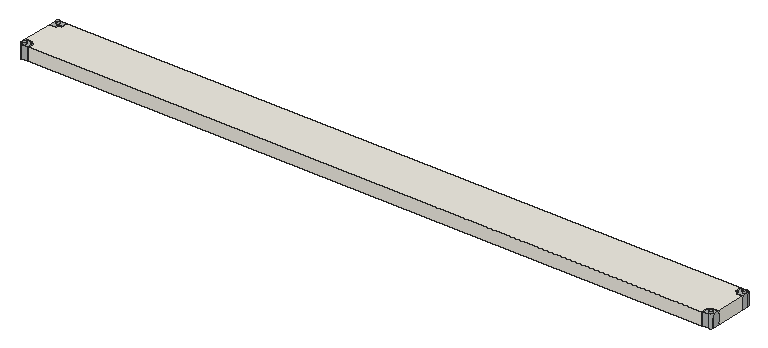
Revit family "HIGHTECH", category Осветительные приборы, Revit 2019 (continued)
Types (32, lengths in mm): name | Файл фотометрической сетки | built-in parameter 1150105 | Lumens | built-in parameter 1150106 | built-in parameter 1150142 | Wattage | Emit from Rectangle Width | Emit from Rectangle Length | Длина | Ширина | ADSK_Ток | ADSK_Полная мощность | ADSK_Обозначение | ADSK_Номинальная мощность | ADSK_Наименование | ADSK_Масса | ADSK_Код изделия
    0.395 0.395 0.395 0.395 0.395 0.296 0.296 0.296 0.296 0.296 0.296 0.296 0.296 0.197 \r\n0.197 0.197 0.197 0.197 0.197 0.197 0.197 0.098 0.098 0.098 0.098 0.098 0.098 0.098 0.098 0.000 0.000 0.000 0.000 \r\n1417.637 1418.229 1415.861 1411.421 1404.415 1394.746 1382.512 1367.219 1349.656 1329.626 1307.821 1283.549 1257.403 1229.579 1199.782 1168.209 1135.155 1100.523 \r\n1064.708 1027.609 989.425 950.057 909.998 868.855 827.317 784.989 742.365 699.347 655.538 611.928 568.021 523.622 480.110 436.006 392.100 348.884 306.556 265.017 224.860 185.591 \r\n146.026 110.605 77.157 45.781 17.464 0.592 0.592 0.493 0.493 0.493 0.493 0.493 0.493 0.493 0.493 0.395 0.395 0.395 0.395 0.395 0.395 0.395 0.395 0.296 0.296 0.296 0.296 0.296 0.296 0.296 0.296 0.197 \r\n0.197 0.197 0.197 0.197 0.197 0.197 0.197 0.098 0.098 0.098 0.098 0.098 0.098 0.098 0.098 0.000 0.000 0.000 0.000 \r\n1417.637 1418.130 1415.762 1411.223 1404.218 1394.450 1382.216 1366.824 1349.261 1329.231 1307.427 1283.056 1256.910 1228.987 1199.190 1167.616 1134.563 1099.833 \r\n1064.016 1026.918 988.833 949.367 909.308 868.165 826.625 784.298 741.674 698.656 654.946 611.336 567.430 523.030 479.518 435.414 391.606 348.391 306.063 264.623 224.465 185.196 \r\n145.730 110.309 76.861 45.485 17.266 0.592 0.592 0.493 0.493 0.493 0.493 0.493 0.493 0.493 0.493 0.395 0.395 0.395 0.395 0.395 0.395 0.395 0.395 0.296 0.296 0.296 0.296 0.296 0.296 0.296 0.296 0.197 \r\n0.197 0.197 0.197 0.197 0.197 0.197 0.197 0.098 0.098 0.098 0.098 0.098 0.098 0.098 0.098 0.000 0.000 0.000 0.000 \r\n1417.637 1418.130 1415.565 1411.026 1403.922 1394.154 1381.919 1366.527 1348.866 1328.837 1306.933 1282.563 1256.416 1228.494 1198.597 1167.024 1133.873 1099.241 \r\n1063.425 1026.228 988.143 948.676 908.519 867.474 825.935 783.608 740.983 698.064 654.256 610.646 566.739 522.438 478.926 434.822 391.014 347.897 305.569 264.229 224.072 184.901 \r\n145.434 110.013 76.565 45.288 17.069 0.592 0.592 0.493 0.493 0.493 0.493 0.493 0.493 0.493 0.493 0.395 0.395 0.395 0.395 0.395 0.395 0.395 0.395 0.296 0.296 0.296 0.296 0.296 0.296 0.296 0.296 0.197 \r\n0.197 0.197 0.197 0.197 0.197 0.197 0.197 0.098 0.098 0.098 0.098 0.098 0.098 0.098 0.098 0.000 0.000 0.000 0.000 \r\n1417.637 1418.031 1415.466 1410.928 1403.725 1393.858 1381.524 1366.133 1348.472 1328.443 1306.440 1282.070 1255.824 1227.901 1198.006 1166.433 1133.280 1098.550 \r\n1062.735 1025.537 987.451 947.887 907.829 866.784 825.244 782.916 740.293 697.373 653.565 610.053 566.147 521.747 478.334 434.328 390.521 347.404 305.175 263.735 223.677 184.506 \r\n145.039 109.717 76.368 44.992 16.871 0.592 0.592 0.493 0.493 0.493 0.493 0.493 0.493 0.493 0.493 0.395 0.395 0.395 0.395 0.395 0.395 0.395 0.395 0.296 0.296 0.296 0.296 0.296 0.296 0.296 0.296 0.197 \r\n0.197 0.197 0.197 0.197 0.197 0.197 0.197 0.098 0.098 0.098 0.098 0.098 0.098 0.098 0.098 0.000 0.000 0.000 0.000 \r\n1417.637 1418.031 1415.368 1410.730 1403.527 1393.562 1381.229 1365.738 1348.077 1327.949 1306.045 1281.575 1255.331 1227.310 1197.414 1165.841 1132.689 1097.958 \r\n1062.043 1024.846 986.761 947.196 907.137 866.092 824.554 782.226 739.602 696.683 652.973 609.363 565.456 521.155 477.742 433.737 390.028 346.910 304.681 263.341 223.282 184.111 \r\n144.743 109.421 76.072 44.794 16.576 0.592 0.592 0.493 0.493 0.493 0.493 0.493 0.493 0.493 0.493 0.395 0.395 0.395 0.395 0.395 0.395 0.395 0.395 0.296 0.296 0.296 0.296 0.296 0.296 0.296 0.296 0.197 \r\n0.197 0.197 0.197 0.197 0.197 0.197 0.197 0.098 0.098 0.098 0.098 0.098 0.098 0.098 0.098 0.000 0.000 0.000 0.000 \r\n1417.637 1417.932 1415.268 1410.533 1403.232 1393.365 1380.933 1365.443 1347.682 1327.555 1305.552 1281.082 1254.837 1226.816 1196.821 1165.150 1131.998 1097.267 \r\n1061.452 1024.254 986.070 946.506 906.447 865.401 823.863 781.535 738.912 695.991 652.282 608.672 564.864 520.563 477.150 433.145 389.436 346.417 304.287 262.946 222.887 183.815 \r\n144.448 109.125 75.874 44.597 16.378 0.592 0.592 0.493 0.493 0.493 0.493 0.493 0.493 0.493 0.493 0.395 0.395 0.395 0.395 0.395 0.395 0.395 0.395 0.296 0.296 0.296 0.296 0.296 0.296 0.296 0.296 0.197 \r\n0.197 0.197 0.197 0.197 0.197 0.197 0.197 0.098 0.098 0.098 0.098 0.098 0.098 0.098 0.098 0.000 0.000 0.000 0.000 \r\n1417.637 1417.932 1415.170 1410.434 1403.034 1393.069 1380.636 1365.048 1347.287 1327.160 1305.157 1280.589 1254.344 1226.225 1196.230 1164.558 1131.406 1096.675 \r\n1060.761 1023.564 985.380 945.815 905.756 864.613 823.173 780.845 738.221 695.301 651.592 608.080 564.174 519.971 476.558 432.652 388.943 345.924 303.794 262.453 222.492 183.420 \r\n144.151 108.829 75.579 44.301 16.181 0.592 0.592 0.493 0.493 0.493 0.493 0.493 0.493 0.493 0.493 0.395 0.395 0.395 0.395 0.395 0.395 0.395 0.395 0.296 0.296 0.296 0.296 0.296 0.296 0.296 0.296 0.197 \r\n0.197 0.197 0.197 0.197 0.197 0.197 0.197 0.098 0.098 0.098 0.098 0.098 0.098 0.098 0.098 0.000 0.000 0.000 0.000 \r\n1417.637 1417.834 1415.071 1410.237 1402.837 1392.772 1380.243 1364.653 1346.892 1326.765 1304.664 1280.096 1253.752 1225.730 1195.638 1163.965 1130.814 1095.984 \r\n1060.071 1022.873 984.689 945.124 905.066 863.922 822.482 780.154 737.531 694.610 651.000 607.390 563.581 519.379 475.966 432.059 388.350 345.431 303.300 262.058 222.098 183.026 \r\n143.757 108.533 75.282 44.104 15.983 0.592 0.592 0.493 0.493 0.493 0.493 0.493 0.493 0.493 0.493 0.395 0.395 0.395 0.395 0.395 0.395 0.395 0.395 0.296 0.296 0.296 0.296 0.296 0.296 0.296 0.296 0.197 \r\n0.197 0.197 0.197 0.197 0.197 0.197 0.197 0.098 0.098 0.098 0.098 0.098 0.098 0.098 0.098 0.000 0.000 0.000 0.000 \r\n1417.637 1417.834 1414.973 1410.138 1402.541 1392.477 1379.946 1364.258 1346.499 1326.272 1304.171 1279.603 1253.259 1225.139 1195.045 1163.374 1130.123 1095.393 \r\n1059.478 1022.183 983.999 944.433 904.375 863.231 821.792 779.464 736.840 693.920 650.309 606.699 562.891 518.787 475.374 431.566 387.857 344.937 302.906 261.663 221.703 182.730 \r\n143.461 108.237 75.085 43.906 15.688 0.592 0.592 0.493 0.493 0.493 0.493 0.493 0.493 0.493 0.493 0.395 0.395 0.395 0.395 0.395 0.395 0.395 0.395 0.296 0.296 0.296 0.296 0.296 0.296 0.296 0.296 0.197 \r\n0.197 0.197 0.197 0.197 0.197 0.197 0.197 0.098 0.098 0.098 0.098 0.098 0.098 0.098 0.098 0.000 0.000 0.000 0.000 \r\n1417.637 1417.736 1414.874 1409.940 1402.344 1392.181 1379.650 1363.962 1346.104 1325.877 1303.776 1279.109 1252.766 1224.547 1194.454 1162.782 1129.531 1094.702 \r\n1058.788 1021.492 983.308 943.742 903.684 862.540 821.100 778.773 736.148 693.327 649.618 606.107 562.298 518.096 474.782 430.974 387.364 344.444 302.412 261.170 221.308 182.335 \r\n143.165 108.040 74.789 43.611 15.490 0.592 0.592 0.493 0.493 0.493 0.493 0.493 0.493 0.493 0.493 0.395 0.395 0.395 0.395 0.395 0.395 0.395 0.395 0.296 0.296 0.296 0.296 0.296 0.296 0.296 0.296 0.197 \r\n0.197 0.197 0.197 0.197 0.197 0.197 0.197 0.098 0.098 0.098 0.098 0.098 0.098 0.098 0.098 0.000 0.000 0.000 0.000 \r\n1417.637 1417.736 1414.775 1409.743 1402.146 1391.984 1379.355 1363.568 1345.709 1325.482 1303.283 1278.616 1252.272 1224.054 1193.862 1162.091 1128.940 1094.110 \r\n1058.097 1020.801 982.617 943.052 902.994 861.850 820.410 778.082 735.458 692.637 649.027 605.416 561.608 517.504 474.190 430.383 386.772 343.951 301.918 260.775 220.913 181.941 \r\n142.770 107.743 74.592 43.413 15.293 0.592 0.592 0.493 0.493 0.493 0.493 0.493 0.493 0.493 0.493 0.395 0.395 0.395 0.395 0.395 0.395 0.395 0.395 0.296 0.296 0.296 0.296 0.296 0.296 0.296 0.296 0.197 \r\n0.197 0.197 0.197 0.197 0.197 0.197 0.197 0.098 0.098 0.098 0.098 0.098 0.098 0.098 0.098 0.000 0.000 0.000 0.000 \r\n1417.637 1417.637 1414.677 1409.645 1401.851 1391.688 1378.960 1363.173 1345.314 1325.088 1302.790 1278.123 1251.680 1223.461 1193.269 1161.499 1128.249 1093.518 \r\n1057.406 1020.110 981.926 942.361 902.204 861.159 819.719 777.391 734.867 691.946 648.335 604.726 561.017 516.913 473.598 429.888 386.279 343.458 301.524 260.380 220.519 181.644 \r\n142.474 107.448 74.296 43.216 15.096 0.592 0.592 0.493 0.493 0.493 0.493 0.493 0.493 0.493 0.493 0.395 0.395 0.395 0.395 0.395 0.395 0.395 0.395 0.296 0.296 0.296 0.296 0.296 0.296 0.296 0.296 0.197 \r\n0.197 0.197 0.197 0.197 0.197 0.197 0.197 0.098 0.098 0.098 0.098 0.098 0.098 0.098 0.098 0.000 0.000 0.000 0.000 \r\n1417.637 1417.637 1414.578 1409.447 1401.653 1391.391 1378.663 1362.877 1344.920 1324.693 1302.395 1277.630 1251.187 1222.968 1192.678 1160.908 1127.657 1092.827 \r\n1056.814 1019.419 981.236 941.671 901.514 860.369 819.028 776.701 734.175 691.256 647.645 604.133 560.326 516.320 473.006 429.297 385.785 342.963 301.030 259.887 220.125 181.249 \r\n142.178 107.152 74.099 42.920 14.800 0.592 0.592 0.493 0.493 0.493 0.493 0.493 0.493 0.493 0.493 0.395 0.395 0.395 0.395 0.395 0.395 0.395 0.395 0.296 0.296 0.296 0.296 0.296 0.296 0.296 0.296 0.197 \r\n0.197 0.197 0.197 0.197 0.197 0.197 0.197 0.098 0.098 0.098 0.098 0.098 0.098 0.098 0.098 0.000 0.000 0.000 0.000 \r\n1417.637 1417.538 1414.480 1409.250 1401.456 1391.096 1378.367 1362.482 1344.525 1324.200 1301.902 1277.136 1250.693 1222.376 1192.184 1160.315 1127.064 1092.235 \r\n1056.124 1018.828 980.545 940.980 900.823 859.679 818.338 776.010 733.485 690.565 647.054 603.443 559.734 515.728 472.414 428.705 385.193 342.470 300.537 259.492 219.730 180.856 \r\n141.882 106.855 73.802 42.723 14.602 0.592 0.592 0.493 0.493 0.493 0.493 0.493 0.493 0.493 0.493 0.395 0.395 0.395 0.395 0.395 0.395 0.395 0.395 0.296 0.296 0.296 0.296 0.296 0.296 0.296 0.296 0.197 \r\n0.197 0.197 0.197 0.197 0.197 0.197 0.197 0.098 0.098 0.098 0.098 0.098 0.098 0.098 0.098 0.000 0.000 0.000 0.000 \r\n1417.637 1417.538 1414.380 1409.152 1401.258 1390.898 1378.072 1362.087 1344.130 1323.805 1301.408 1276.643 1250.200 1221.784 1191.593 1159.625 1126.374 1091.545 \r\n1055.433 1018.137 979.855 940.290 900.133 858.988 817.647 775.221 732.794 689.875 646.362 602.851 559.043 515.137 471.822 428.212 384.700 341.977 300.142 259.097 219.335 180.559 \r\n141.487 106.560 73.506 42.525 14.405 0.592 0.592 0.493 0.493 0.493 0.493 0.493 0.493 0.493 0.493 0.395 0.395 0.395 0.395 0.395 0.395 0.395 0.395 0.296 0.296 0.296 0.296 0.296 0.296 0.296 0.296 0.197 \r\n0.197 0.197 0.197 0.197 0.197 0.197 0.197 0.098 0.098 0.098 0.098 0.098 0.098 0.098 0.098 0.000 0.000 0.000 0.000 \r\n1417.637 1417.439 1414.282 1408.954 1400.963 1390.603 1377.677 1361.792 1343.735 1323.410 1301.014 1276.149 1249.608 1221.291 1191.000 1159.032 1125.782 1090.953 \r\n1054.841 1017.446 979.164 939.500 899.442 858.298 816.957 774.530 732.103 689.184 645.672 602.160 558.451 514.446 471.230 427.619 384.108 341.484 299.649 258.604 218.940 180.165 \r\n141.191 106.264 73.309 42.229 14.208 0.592 0.592 0.493 0.493 0.493 0.493 0.493 0.493 0.493 0.493 0.395 0.395 0.395 0.395 0.395 0.395 0.395 0.395 0.296 0.296 0.296 0.296 0.296 0.296 0.296 0.296 0.197 \r\n0.197 0.197 0.197 0.197 0.197 0.197 0.197 0.098 0.098 0.098 0.098 0.098 0.098 0.098 0.098 0.000 0.000 0.000 0.000 \r\n1417.637 1417.439 1414.183 1408.855 1400.765 1390.306 1377.381 1361.397 1343.341 1323.015 1300.520 1275.656 1249.114 1220.699 1190.408 1158.440 1125.190 1090.262 \r\n1054.151 1016.755 978.473 938.809 898.750 857.607 816.266 773.839 731.413 688.592 645.080 601.469 557.859 513.854 470.638 427.126 383.615 340.990 299.254 258.209 218.546 179.770 \r\n140.896 105.967 73.013 42.031 13.912 0.592 0.592 0.493 0.493 0.493 0.493 0.493 0.493 0.493 0.493 0.395 0.395 0.395 0.395 0.395 0.395 0.395 0.395 0.296 0.296 0.296 0.296 0.296 0.296 0.296 0.296 0.197 \r\n0.197 0.197 0.197 0.197 0.197 0.197 0.197 0.098 0.098 0.098 0.098 0.098 0.098 0.098 0.098 0.000 0.000 0.000 0.000 \r\n1417.637 1417.341 1414.085 1408.658 1400.568 1390.010 1377.085 1361.002 1342.947 1322.522 1300.026 1275.261 1248.621 1220.205 1189.817 1157.849 1124.598 1089.670 \r\n1053.460 1016.065 977.881 938.119 898.060 856.917 815.575 773.149 730.722 687.901 644.390 600.877 557.168 513.262 470.046 426.534 383.121 340.497 298.761 257.814 218.151 179.473 \r\n140.501 105.672 72.816 41.835 13.714 0.592 0.592 0.493 0.493 0.493 0.493 0.493 0.493 0.493 0.493 0.395 0.395 0.395 0.395 0.395 0.395 0.395 0.395 0.296 0.296 0.296 0.296 0.296 0.296 0.296 0.296 0.197 \r\n0.197 0.197 0.197 0.197 0.197 0.197 0.197 0.098 0.098 0.098 0.098 0.098 0.098 0.098 0.098 0.000 0.000 0.000 0.000 \r\n1417.637 1417.341 1413.986 1408.461 1400.271 1389.715 1376.789 1360.608 1342.552 1322.128 1299.632 1274.768 1248.128 1219.614 1189.224 1157.256 1123.907 1088.980 \r\n1052.868 1015.374 977.191 937.428 897.369 856.127 814.884 772.458 730.032 687.211 643.698 600.187 556.577 512.670 469.454 425.942 382.529 340.004 298.268 257.321 217.756 179.080 \r\n140.204 105.376 72.520 41.538 13.517 0.592 0.592 0.493 0.493 0.493 0.493 0.493 0.493 0.493 0.493 0.395 0.395 0.395 0.395 0.395 0.395 0.395 0.395 0.296 0.296 0.296 0.296 0.296 0.296 0.296 0.296 0.197 \r\n0.197 0.197 0.197 0.197 0.197 0.197 0.197 0.098 0.098 0.098 0.098 0.098 0.098 0.098 0.098 0.000 0.000 0.000 0.000 \r\n1417.637 1417.242 1413.789 1408.362 1400.075 1389.517 1376.394 1360.311 1342.157 1321.733 1299.138 1274.274 1247.536 1219.022 1188.632 1156.566 1123.315 1088.388 \r\n1052.177 1014.684 976.500 936.738 896.581 855.436 814.194 771.768 729.341 686.519 643.107 599.496 555.885 512.078 468.862 425.449 382.035 339.511 297.873 256.926 217.362 178.685 \r\n139.909 105.079 72.223 41.341 13.221 0.592 0.592 0.493 0.493 0.493 0.493 0.493 0.493 0.493 0.493 0.395 0.395 0.395 0.395 0.395 0.395 0.395 0.395 0.296 0.296 0.296 0.296 0.296 0.296 0.296 0.296 0.197 \r\n0.197 0.197 0.197 0.197 0.197 0.197 0.197 0.098 0.098 0.098 0.098 0.098 0.098 0.098 0.098 0.000 0.000 0.000 0.000 \r\n1417.637 1417.242 1413.690 1408.165 1399.877 1389.220 1376.098 1359.917 1341.762 1321.339 1298.645 1273.781 1247.043 1218.528 1188.041 1155.974 1122.723 1087.697 \r\n1051.487 1013.993 975.810 936.046 895.889 854.746 813.503 771.077 728.650 685.829 642.416 598.904 555.294 511.486 468.270 424.857 381.542 339.018 297.380 256.533 216.967 178.389 \r\n139.613 104.882 72.026 41.143 13.024 0.592 0.592 0.493 0.493 0.493 0.493 0.493 0.493 0.493 0.493 0.395 0.395 0.395 0.395 0.395 0.395 0.395 0.395 0.296 0.296 0.296 0.296 0.296 0.296 0.296 0.296 0.197 \r\n0.197 0.197 0.197 0.197 0.197 0.197 0.197 0.098 0.098 0.098 0.098 0.098 0.098 0.098 0.098 0.000 0.000 0.000 0.000 \r\n1417.637 1417.143 1413.592 1407.967 1399.580 1388.925 1375.803 1359.523 1341.367 1320.845 1298.250 1273.288 1246.550 1217.936 1187.448 1155.382 1122.032 1087.105 \r\n1050.894 1013.401 975.119 935.356 895.199 854.055 812.813 770.386 727.959 685.138 641.725 598.213 554.603 510.795 467.678 424.265 380.951 338.524 296.887 256.038 216.573 177.994 \r\n139.218 104.586 71.730 40.848 12.826 0.592 0.592 0.493 0.493 0.493 0.493 0.493 0.493 0.493 0.493 0.395 0.395 0.395 0.395 0.395 0.395 0.395 0.395 0.296 0.296 0.296 0.296 0.296 0.296 0.296 0.296 0.197 \r\n0.197 0.197 0.197 0.197 0.197 0.197 0.197 0.098 0.098 0.098 0.098 0.098 0.098 0.098 0.098 0.000 0.000 0.000 0.000 \r\n1417.637 1417.143 1413.492 1407.869 1399.383 1388.629 1375.506 1359.226 1340.973 1320.451 1297.757 1272.795 1246.056 1217.443 1186.856 1154.790 1121.441 1086.414 \r\n1050.204 1012.711 974.428 934.665 894.508 853.365 812.122 769.695 727.269 684.448 641.134 597.523 554.011 510.203 467.086 423.772 380.457 338.031 296.492 255.645 216.178 177.599 \r\n138.922 104.291 71.533 40.650 12.629 0.592 0.592 0.592 0.493 0.493 0.493 0.493 0.493 0.493 0.493 0.395 0.395 0.395 0.395 0.395 0.395 0.395 0.395 0.296 0.296 0.296 0.296 0.296 0.296 0.296 0.296 0.197 \r\n0.197 0.197 0.197 0.197 0.197 0.197 0.197 0.098 0.098 0.098 0.098 0.098 0.098 0.098 0.098 0.000 0.000 0.000 0.000 \r\n1417.637 1417.044 1413.394 1407.671 1399.187 1388.333 1375.111 1358.832 1340.578 1320.056 1297.264 1272.301 1245.464 1216.851 1186.264 1154.099 1120.849 1085.822 \r\n1049.513 1012.020 973.737 933.975 893.818 852.575 811.432 769.004 726.578 683.855 640.443 596.930 553.321 509.611 466.494 423.180 379.964 337.537 295.999 255.250 215.783 177.304 \r\n138.626 103.994 71.237 40.453 12.333 0.592 0.592 0.592 0.493 0.493 0.493 0.493 0.493 0.493 0.493 0.395 0.395 0.395 0.395 0.395 0.395 0.395 0.395 0.296 0.296 0.296 0.296 0.296 0.296 0.296 0.296 0.197 \r\n0.197 0.197 0.197 0.197 0.197 0.197 0.197 0.098 0.
